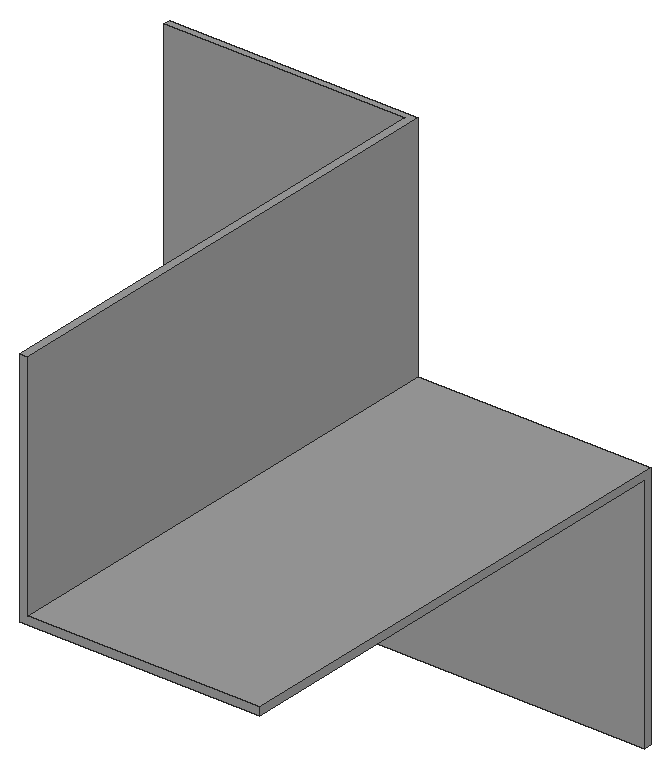
Revit family "Flashing_Preformed_Hyload_Type-W2", category Generic Models, Revit 2013
Parameters (values of type "As Specified")
  Unit Width = 0' - 7 1/8"
  Unit Height = 0' - 2"
  Unit Depth = 0' - 4"
  URL = "http://www.hyload.com/"
  Thickness = 0' - 0 1/16"
  Specification = "http://www.arcat.com/sdspecs/htm04/07_65_00hyl.htm"
  Sales Information = "http://www.hyload.com/contact-us"
  Revision = "R1_12-2015"
  Product Properties = "http://www.hyload.com/masonry-flashing/preformed-shapes/"
  Product Data = "http://www.arcat.com/arcatcos/cos33/arc33176.html"
  Model = "Type W2"
  Manufacturer Website = "http://www.hyload.com/"
  Manufacturer Phone - Toll Free = "800-457-4056"
  Manufacturer Phone = "330-769-3546"
  Manufacturer Fax = "330-769-4153"
  Manufacturer Address = "5020 Panther Pkwy., Seville, OH 44273"
  Manufacturer = "Hyload"
  Keynote = "07 65 00"
  Flashing Material = Hyload Flashing Membrane - Grey
  Drawn By = "Robert S. Weygant / Sumex Design"
  Description = "Preformed Hyload Masonry Flashing - Type W2"
  Copyright = "(c) ARCAT, Inc, 2015"
  Construction Details = "http://www.arcat.com/details/hyload/hyload.html?coid=33176"
  Assembly Code = "B3010400"
Reference planes (in)
  plane 1 "Center (Front/Back)": y = 0
  plane 2: z = 0
  plane 3 "Center (Left/Right)": x = 0
  plane 4: x = 2
  plane 5: z = 2
  plane 6: y = -4
  plane 7: z = 4
Forms (in)
  Sweep 1, solid, material "Hyload Flashing Membrane - Grey" <- "Flashing Material"
    path origin (0, 0, 0) x (1, 0, 0) y (0, 0, 1)
      loop
        line (2, 2) -> (0, 2) -> (0, 4)
    profile origin (1, 0, 2) x (0, 0, -1) y (0, -1, 0)
      loop
        line (0, 0) -> (0, 4) -> (-0.0625, 4) -> (-0.0625, -0.0625) -> (2, -0.0625) -> (2, 0) -> (0, 0)
Dimensions and locks (in)
  "Unit Height": plane 5 to level
  "Unit Depth": plane 1 "Center (Front/Back)" to plane 6
  plane 7 to level = 0' - 4"
  plane 4 to plane 3 "Center (Left/Right)" = 0' - 2"
  "Thickness": Sweep 1 sketch curve to plane 1 "Center (Front/Back)"
  "Thickness": Sweep 1 sketch curve to plane 5
  aligned and locked: plane 2 to level
  aligned and locked: plane 3 "Center (Left/Right)" to Sweep 1 sketch curve
  aligned and locked: plane 5 to Sweep 1 sketch curve  (x2)
  aligned and locked: Sweep 1 sketch curve to plane 6
  aligned and locked: Sweep 1 sketch curve to level
  aligned and locked: plane 7 to Sweep 1 sketch curve
  aligned and locked: Sweep 1 sketch curve to plane 1 "Center (Front/Back)"
Automatic sketch dimensions
  Sweep 1 sketch curve to plane 4 = 0' - 0"
